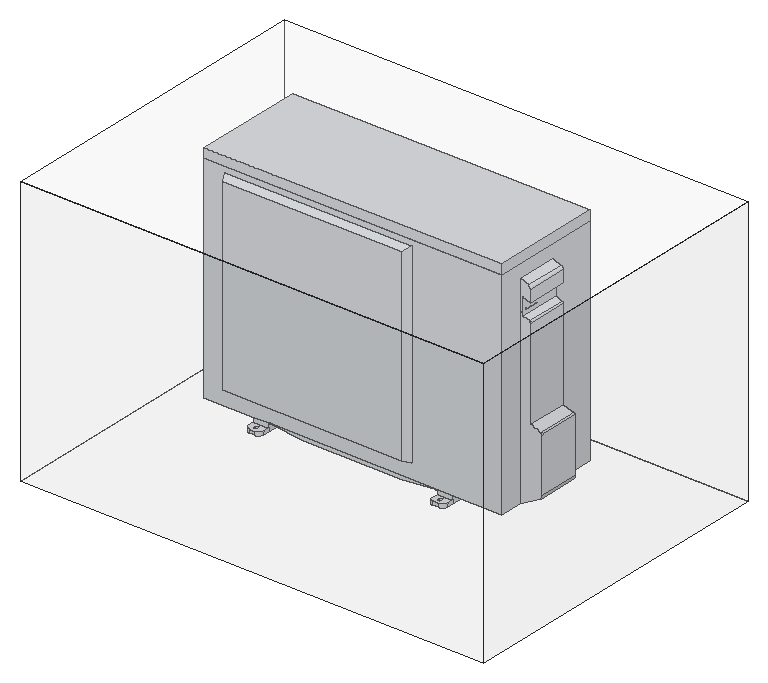
Revit family "puz-zrmp28_63ska12_50Hz", category 機械設備, Revit 2019 (continued)
Definition of nested family "PUZ-ZRMP-1"
  Lines and regions (mm)
    model lines, visible <- "タイプ3", not visible
      curve 342: line (-404.5, -100, 907) -> (-404.5, -60, 907)
      curve 343: line (-404.5, -100, 1097) -> (-404.5, -100, 907)
      curve 344: line (-404.5, -60, 1097) -> (-404.5, -100, 1097)
      curve 345: line (-404.5, -60, 907) -> (-404.5, -60, 1097)
      curve 346: line (-404.5, 60, 907) -> (-404.5, 100, 907)
      curve 347: line (-404.5, 60, 1097) -> (-404.5, 60, 907)
      curve 348: line (-404.5, 100, 1097) -> (-404.5, 60, 1097)
      curve 349: line (-404.5, 100, 907) -> (-404.5, 100, 1097)
      curve 350: line (-404.5, -46.667, 907) -> (-404.5, -6.667, 907)
      curve 351: line (-404.5, -46.667, 1097) -> (-404.5, -46.667, 907)
      curve 352: line (-404.5, -6.667, 1097) -> (-404.5, -46.667, 1097)
      curve 353: line (-404.5, -6.667, 907) -> (-404.5, -6.667, 1097)
      curve 354: line (-404.5, 6.667, 907) -> (-404.5, 46.667, 907)
      curve 355: line (-404.5, 6.667, 1097) -> (-404.5, 6.667, 907)
      curve 356: line (-404.5, 46.667, 1097) -> (-404.5, 6.667, 1097)
      curve 357: line (-404.5, 46.667, 907) -> (-404.5, 46.667, 1097)
      curve 358: line (-404.5, -100, 1112) -> (-404.5, -60, 1112)
      curve 359: line (-404.5, -100, 1302) -> (-404.5, -100, 1112)
      curve 360: line (-404.5, -60, 1302) -> (-404.5, -100, 1302)
      curve 361: line (-404.5, -60, 1112) -> (-404.5, -60, 1302)
      curve 362: line (-404.5, 60, 1112) -> (-404.5, 100, 1112)
      curve 363: line (-404.5, 60, 1302) -> (-404.5, 60, 1112)
      curve 364: line (-404.5, 100, 1302) -> (-404.5, 60, 1302)
      curve 365: line (-404.5, 100, 1112) -> (-404.5, 100, 1302)
      curve 366: line (-404.5, -46.667, 1112) -> (-404.5, -6.667, 1112)
      curve 367: line (-404.5, -46.667, 1302) -> (-404.5, -46.667, 1112)
      curve 368: line (-404.5, -6.667, 1302) -> (-404.5, -46.667, 1302)
      curve 369: line (-404.5, -6.667, 1112) -> (-404.5, -6.667, 1302)
      curve 370: line (-404.5, 6.667, 1112) -> (-404.5, 46.667, 1112)
      curve 371: line (-404.5, 6.667, 1302) -> (-404.5, 6.667, 1112)
      curve 372: line (-404.5, 46.667, 1302) -> (-404.5, 6.667, 1302)
      curve 373: line (-404.5, 46.667, 1112) -> (-404.5, 46.667, 1302)
    model lines, visible <- "タイプ2", not visible
      curve 374: line (-600, -100, 33.5) -> (-600, -60, 33.5)
      curve 375: line (-600, -100, 73.5) -> (-600, -100, 33.5)
      curve 376: line (-600, -60, 73.5) -> (-600, -100, 73.5)
      curve 377: line (-600, -60, 33.5) -> (-600, -60, 73.5)
      curve 378: line (-600, 60, 33.5) -> (-600, 100, 33.5)
      curve 379: line (-600, 60, 73.5) -> (-600, 60, 33.5)
      curve 380: line (-600, 100, 73.5) -> (-600, 60, 73.5)
      curve 381: line (-600, 100, 33.5) -> (-600, 100, 73.5)
      curve 382: line (-509, -46.667, 33.5) -> (-509, -6.667, 33.5)
      curve 383: line (-509, -46.667, 73.5) -> (-509, -46.667, 33.5)
      curve 384: line (-509, -6.667, 73.5) -> (-509, -46.667, 73.5)
      curve 385: line (-509, -6.667, 33.5) -> (-509, -6.667, 73.5)
      curve 386: line (-509, 6.667, 33.5) -> (-509, 46.667, 33.5)
      curve 387: line (-509, 6.667, 73.5) -> (-509, 6.667, 33.5)
      curve 388: line (-509, 46.667, 73.5) -> (-509, 6.667, 73.5)
      curve 389: line (-509, 46.667, 33.5) -> (-509, 46.667, 73.5)
      curve 483: line (-404.5, -100, 33.5) -> (-404.5, -60, 33.5)
      curve 484: line (-404.5, -100, 73.5) -> (-404.5, -100, 33.5)
      curve 485: line (-404.5, -60, 73.5) -> (-404.5, -100, 73.5)
      curve 486: line (-404.5, -60, 33.5) -> (-404.5, -60, 73.5)
      curve 487: line (-404.5, 60, 33.5) -> (-404.5, 100, 33.5)
      curve 488: line (-404.5, 60, 73.5) -> (-404.5, 60, 33.5)
      curve 489: line (-404.5, 100, 73.5) -> (-404.5, 60, 73.5)
      curve 490: line (-404.5, 100, 33.5) -> (-404.5, 100, 73.5)
      curve 491: line (-404.5, -46.667, 33.5) -> (-404.5, -6.667, 33.5)
      curve 492: line (-404.5, -46.667, 73.5) -> (-404.5, -46.667, 33.5)
      curve 493: line (-404.5, -6.667, 73.5) -> (-404.5, -46.667, 73.5)
      curve 494: line (-404.5, -6.667, 33.5) -> (-404.5, -6.667, 73.5)
      curve 495: line (-404.5, 6.667, 33.5) -> (-404.5, 46.667, 33.5)
      curve 496: line (-404.5, 6.667, 73.5) -> (-404.5, 6.667, 33.5)
      curve 497: line (-404.5, 46.667, 73.5) -> (-404.5, 6.667, 73.5)
      curve 498: line (-404.5, 46.667, 33.5) -> (-404.5, 46.667, 73.5)
    model lines, not visible
      curve 390: line (-404.5, -100, 87) -> (-404.5, -60, 87)
      curve 391: line (-404.5, -100, 277) -> (-404.5, -100, 87)
      curve 392: line (-404.5, -60, 277) -> (-404.5, -100, 277)
      curve 393: line (-404.5, -60, 87) -> (-404.5, -60, 277)
      curve 394: line (-404.5, -100, 292) -> (-404.5, -60, 292)
      curve 395: line (-404.5, -100, 482) -> (-404.5, -100, 292)
      curve 396: line (-404.5, -60, 482) -> (-404.5, -100, 482)
      curve 397: line (-404.5, -60, 292) -> (-404.5, -60, 482)
      curve 398: line (-404.5, -100, 497) -> (-404.5, -60, 497)
      curve 399: line (-404.5, -100, 687) -> (-404.5, -100, 497)
      curve 400: line (-404.5, -60, 687) -> (-404.5, -100, 687)
      curve 401: line (-404.5, -60, 497) -> (-404.5, -60, 687)
      curve 402: line (-404.5, -100, 702) -> (-404.5, -60, 702)
      curve 403: line (-404.5, -100, 892) -> (-404.5, -100, 702)
      curve 404: line (-404.5, -60, 892) -> (-404.5, -100, 892)
      curve 405: line (-404.5, -60, 702) -> (-404.5, -60, 892)
      curve 406: line (-404.5, 60, 87) -> (-404.5, 100, 87)
      curve 407: line (-404.5, 60, 277) -> (-404.5, 60, 87)
      curve 408: line (-404.5, 100, 277) -> (-404.5, 60, 277)
      curve 409: line (-404.5, 100, 87) -> (-404.5, 100, 277)
      curve 410: line (-404.5, -46.667, 87) -> (-404.5, -6.667, 87)
      curve 411: line (-404.5, -46.667, 277) -> (-404.5, -46.667, 87)
      curve 412: line (-404.5, -6.667, 277) -> (-404.5, -46.667, 277)
      curve 413: line (-404.5, -6.667, 87) -> (-404.5, -6.667, 277)
      curve 414: line (-404.5, 6.667, 87) -> (-404.5, 46.667, 87)
      curve 415: line (-404.5, 6.667, 277) -> (-404.5, 6.667, 87)
      curve 416: line (-404.5, 46.667, 277) -> (-404.5, 6.667, 277)
      curve 417: line (-404.5, 46.667, 87) -> (-404.5, 46.667, 277)
      curve 418: line (-404.5, 60, 292) -> (-404.5, 100, 292)
      curve 419: line (-404.5, 60, 482) -> (-404.5, 60, 292)
      curve 420: line (-404.5, 100, 482) -> (-404.5, 60, 482)
      curve 421: line (-404.5, 100, 292) -> (-404.5, 100, 482)
      curve 422: line (-404.5, 60, 702) -> (-404.5, 100, 702)
      curve 423: line (-404.5, 60, 892) -> (-404.5, 60, 702)
      curve 424: line (-404.5, 100, 892) -> (-404.5, 60, 892)
      curve 425: line (-404.5, 100, 702) -> (-404.5, 100, 892)
      curve 426: line (-404.5, -46.667, 292) -> (-404.5, -6.667, 292)
      curve 427: line (-404.5, -46.667, 482) -> (-404.5, -46.667, 292)
      curve 428: line (-404.5, -6.667, 482) -> (-404.5, -46.667, 482)
      curve 429: line (-404.5, -6.667, 292) -> (-404.5, -6.667, 482)
      curve 430: line (-404.5, -46.667, 497) -> (-404.5, -6.667, 497)
      curve 431: line (-404.5, -46.667, 687) -> (-404.5, -46.667, 497)
      curve 432: line (-404.5, -6.667, 687) -> (-404.5, -46.667, 687)
      curve 433: line (-404.5, -6.667, 497) -> (-404.5, -6.667, 687)
      curve 434: line (-404.5, -46.667, 702) -> (-404.5, -6.667, 702)
      curve 435: line (-404.5, -46.667, 892) -> (-404.5, -46.667, 702)
      curve 436: line (-404.5, -6.667, 892) -> (-404.5, -46.667, 892)
      curve 437: line (-404.5, -6.667, 702) -> (-404.5, -6.667, 892)
      curve 438: line (-404.5, 6.667, 292) -> (-404.5, 46.667, 292)
      curve 439: line (-404.5, 6.667, 482) -> (-404.5, 6.667, 292)
      curve 440: line (-404.5, 46.667, 482) -> (-404.5, 6.667, 482)
      curve 441: line (-404.5, 46.667, 292) -> (-404.5, 46.667, 482)
      curve 442: line (-404.5, 6.667, 497) -> (-404.5, 46.667, 497)
      curve 443: line (-404.5, 6.667, 687) -> (-404.5, 6.667, 497)
      curve 444: line (-404.5, 46.667, 687) -> (-404.5, 6.667, 687)
      curve 445: line (-404.5, 46.667, 497) -> (-404.5, 46.667, 687)
      curve 446: line (-404.5, 6.667, 702) -> (-404.5, 46.667, 702)
      curve 447: line (-404.5, 6.667, 892) -> (-404.5, 6.667, 702)
      curve 448: line (-404.5, 46.667, 892) -> (-404.5, 6.667, 892)
      curve 449: line (-404.5, 46.667, 702) -> (-404.5, 46.667, 892)
      curve 450: line (-338.5, -173.2, 372.5) -> (149.5, -173.2, 372.5)
      curve 451: line (149.5, -173.2, 277.5) -> (-338.5, -173.2, 277.5)
      curve 452: line (-338.5, -173.2, 467.5) -> (149.5, -173.2, 467.5)
      curve 453: line (-338.5, -173.2, 562.5) -> (149.5, -173.2, 562.5)
      curve 454: line (149.5, -173.2, 182.5) -> (-338.5, -173.2, 182.5)
      curve 455: line (149.5, -173.2, 87.5) -> (-338.5, -173.2, 87.5)
      curve 456: line (-321.071, -173.2, 579) -> (-321.071, -173.2, 71)
      curve 457: line (132.071, -173.2, 71) -> (132.071, -173.2, 579)
      curve 458: line (-303.643, -173.2, 579) -> (-303.643, -173.2, 71)
      curve 459: line (-286.214, -173.2, 579) -> (-286.214, -173.2, 71)
      curve 460: line (-268.786, -173.2, 579) -> (-268.786, -173.2, 71)
      curve 461: line (-251.357, -173.2, 579) -> (-251.357, -173.2, 71)
      curve 462: line (-233.929, -173.2, 579) -> (-233.929, -173.2, 71)
      curve 463: line (-216.5, -173.2, 579) -> (-216.5, -173.2, 71)
      curve 464: line (-199.071, -173.2, 579) -> (-199.071, -173.2, 71)
      curve 465: line (-181.643, -173.2, 579) -> (-181.643, -173.2, 71)
      curve 466: line (-164.214, -173.2, 579) -> (-164.214, -173.2, 71)
      curve 467: line (-146.786, -173.2, 579) -> (-146.786, -173.2, 71)
      curve 468: line (-129.357, -173.2, 579) -> (-129.357, -173.2, 71)
      curve 469: line (-111.929, -173.2, 579) -> (-111.929, -173.2, 71)
      curve 470: line (-94.5, -173.2, 579) -> (-94.5, -173.2, 71)
      curve 471: line (-77.071, -173.2, 579) -> (-77.071, -173.2, 71)
      curve 472: line (-59.643, -173.2, 579) -> (-59.643, -173.2, 71)
      curve 473: line (-42.214, -173.2, 579) -> (-42.214, -173.2, 71)
      curve 474: line (-24.786, -173.2, 579) -> (-24.786, -173.2, 71)
      curve 475: line (-7.357, -173.2, 579) -> (-7.357, -173.2, 71)
      curve 476: line (10.071, -173.2, 579) -> (10.071, -173.2, 71)
      curve 477: line (27.5, -173.2, 579) -> (27.5, -173.2, 71)
      curve 478: line (44.929, -173.2, 579) -> (44.929, -173.2, 71)
      curve 479: line (62.357, -173.2, 579) -> (62.357, -173.2, 71)
      curve 480: line (79.786, -173.2, 579) -> (79.786, -173.2, 71)
      curve 481: line (97.214, -173.2, 579) -> (97.214, -173.2, 71)
      curve 482: line (114.643, -173.2, 579) -> (114.643, -173.2, 71)
    symbolic lines, visible <- "タイプ1"
      curve 499: line (-278.151, 150, 630) -> (-404.5, 150, 630)
      curve 500: line (-404.5, 150, 630) -> (-404.5, -5.599, 630)
      curve 501: line (-404.5, 40, 630) -> (-424.5, 30, 630)
      curve 502: line (-424.5, 30, 630) -> (-424.5, -30, 630)
      curve 503: line (-424.5, -30, 630) -> (-404.5, -40, 630)
      curve 504: line (-404.5, -5.599, 630) -> (-404.5, -150, 630)
      curve 505: line (-404.5, -150, 630) -> (-301.612, -150, 630)
      curve 506: arc (-272.806, -170, 630) -> (-268.124, -177.204, 630) -> (-260, -180, 630) r 13.2
      curve 507: line (-260, -180, 630) -> (-243.332, -180, 630)
      curve 508: arc (-243.332, -180, 630) -> (-235.208, -177.204, 630) -> (-230.526, -170, 630) r 13.2
      curve 509: line (-301.612, -150, 630) -> (280.999, -150, 630)
      curve 510: line (230, -150, 630) -> (230, -170, 630)
      curve 511: arc (230, -170, 630) -> (232.929, -177.071, 630) -> (240, -180, 630) r 10
      curve 512: line (240, -180, 630) -> (256.8, -180, 630)
      curve 513: arc (256.8, -180, 630) -> (266.134, -176.134, 630) -> (270, -166.8, 630) r 13.2
      curve 514: line (270, -166.8, 630) -> (270, -150, 630)
      curve 515: line (280.999, -150, 630) -> (404.5, -150, 630)
      curve 516: line (404.5, -150, 630) -> (404.5, -77.105, 630)
      curve 517: line (404.5, -90, 630) -> (466.5, -90, 630)
      curve 518: line (466.5, -90, 630) -> (466.5, 20, 630)
      curve 519: line (466.5, 20, 630) -> (404.5, 20, 630)
      curve 520: line (404.5, -77.105, 630) -> (404.5, 150, 630)
      curve 521: line (404.5, 150, 630) -> (308.975, 150, 630)
      curve 522: line (270, 150, 630) -> (270, 180, 630)
      curve 523: line (270, 180, 630) -> (230, 180, 630)
      curve 524: line (230, 180, 630) -> (230, 150, 630)
      curve 525: line (308.975, 150, 630) -> (-278.151, 150, 630)
      curve 526: line (-230, 150, 630) -> (-230, 180, 630)
      curve 527: line (-230, 180, 630) -> (-270, 180, 630)
      curve 528: line (-270, 180, 630) -> (-270, 150, 630)
      curve 529: line (-324.5, 100, 630) -> (324.5, 100, 630)
      curve 530: line (-324.5, 40, 630) -> (-324.5, 100, 630)
      curve 531: line (324.5, 40, 630) -> (-324.5, 40, 630)
      curve 532: line (324.5, 100, 630) -> (324.5, 40, 630)
      curve 533: line (324.5, 30, 630) -> (-324.5, 30, 630)
      curve 534: line (324.5, -30, 630) -> (324.5, 30, 630)
      curve 535: line (-324.5, -30, 630) -> (324.5, -30, 630)
      curve 536: line (-324.5, 30, 630) -> (-324.5, -30, 630)
      curve 537: line (-324.5, -40, 630) -> (324.5, -40, 630)
      curve 538: line (-324.5, -100, 630) -> (-324.5, -40, 630)
      curve 539: line (324.5, -100, 630) -> (-324.5, -100, 630)
      curve 540: line (324.5, -40, 630) -> (324.5, -100, 630)
      curve 541: line (339.5, 100, 630) -> (354.5, 100, 630)
      curve 542: line (339.5, -100, 630) -> (339.5, 100, 630)
      curve 543: line (354.5, -100, 630) -> (339.5, -100, 630)
      curve 544: line (354.5, 100, 630) -> (354.5, -100, 630)
      curve 545: line (-354.5, 100, 630) -> (-339.5, 100, 630)
      curve 546: line (-354.5, -100, 630) -> (-354.5, 100, 630)
      curve 547: line (-339.5, -100, 630) -> (-354.5, -100, 630)
      curve 548: line (-339.5, 100, 630) -> (-339.5, -100, 630)
      curve 549: line (-338.5, -170, 630) -> (149.5, -170, 630)
      curve 550: line (149.5, -170, 630) -> (159.5, -150, 630)
      curve 551: line (-348.5, -150, 630) -> (-338.5, -170, 630)
  Dimensions and locks
    equal spacing: plane 8, plane 1 "中心(正面/背面)", plane 7
    "奥行き": plane 8 to plane 7
    equal spacing: plane 5, plane 3 "中心(左/右)", plane 6
    "幅さ": plane 5 to plane 6
    "高さ": plane 4 to level
    locked: plane 6 to plane 9 at 62
    locked: plane 8 to plane 10 at 60
    locked: plane 8 to plane 11 at 170
    locked: plane 4 to plane 12 at 25
    locked: plane 13 to plane 5 at 20
    "吊りボルト-D": plane 17 to plane 16
    equal spacing: plane 17, plane 1 "中心(正面/背面)", plane 16
    equal spacing: plane 14, plane 3 "中心(左/右)", plane 15
    "吊りボルト-W": plane 14 to plane 15
    plane 21 to plane 14 to plane 20 = 20 mm locked, 20 mm locked
    plane 19 to plane 15 to plane 18 = 20 mm locked, 20 mm locked
    locked: plane 16 to plane 22 at 15
    locked: plane 23 to plane 17 at 15
    locked: plane 24 to level at 8.5
    locked: plane 25 to level at 20
    locked: plane 26 to plane 24 at 3
    locked: plane 4 to plane 29 at 5
    plane 7 to plane 1 "中心(正面/背面)" to plane 8 = 150 mm, 150 mm
    plane 31 to plane 1 "中心(正面/背面)" to plane 30 = 40 mm locked, 40 mm locked
    plane 33 to plane 1 "中心(正面/背面)" to plane 32 = 30 mm locked, 30 mm locked
    locked: plane 34 to plane 12 at 5
    locked: plane 35 to level at 55
    locked: plane 36 to level at 225
    equal spacing: plane 6, plane 39, plane 9
    locked: plane 6 to plane 38 at 10
    locked: plane 20 to plane 27 at 95
    locked: plane 28 to plane 19 at 95
    "換気-D": plane 40 to plane 8
    "換気-W": plane 41 to plane 5
    "換気-H1": plane 42 to level
    plane 43 to plane 41 to plane 44 = 254 mm locked, 254 mm locked
    plane 45 to plane 42 to plane 46 = 264 mm locked, 264 mm locked
    locked: plane 43 to plane 48 at 10
    locked: plane 47 to plane 44 at 10
    locked: plane 45 to plane 49 at 10
    locked: plane 50 to plane 46 at 10
    locked: curve 26 to plane 50 at 16.5
    locked: plane 49 to curve 24 at 16.5
    equal spacing: curve 24, curve 23, curve 21, curve 22, curve 25, curve 26
    equal spacing: plane 48, curve 28, curve 53, curve 52, curve 51, curve 50, curve 49, curve 48, curve 47, curve 46, curve 45, curve 44, curve 43, curve 42, curve 41, curve 40, curve 39, curve 38, curve 37, curve 36, curve 35, curve 34, curve 33, curve 32, curve 31, curve 30, curve 29, curve 27, plane 47
    locked: curve 4 to curve 6 at 10
    locked: curve 3 to curve 5 at 10
    locked: plane 51 to plane 7 at 50
    locked: plane 8 to plane 52 at 50
    equal spacing: group 1, group 2, group 3, group 4, group 5, group 6, group 7, group 8, group 9, group 10, group 11, group 12, group 13, group 14, group 15, group 16, group 17, group 18  (x2)
    equal spacing: group 18, group 17, group 16, group 15, group 14, group 13, group 12, group 11, group 10, group 9, group 8, group 7, group 6, group 5, group 4, group 3, group 2, group 1
    "ドレン管径-X": plane 5 to plane 53
    "ドレン管径-Y": plane 8 to plane 54
    "配線取出口-Y": plane 57 to plane 7
    "冷媒液管径-Y": plane 58 to plane 7
    "冷媒ガス管径-Y": plane 59 to plane 7
    "配線取出口-X": plane 3 "中心(左/右)" to plane 56
    "冷媒ガス管径-X": plane 3 "中心(左/右)" to plane 55
    "冷媒液管径-X": plane 3 "中心(左/右)" to plane 60
    "冷媒液管径-Z": plane 62 to level
    "冷媒ガス管径-Z": plane 61 to level
    "配線取出口-Z": plane 63 to level
    locked: plane 57 to plane 64 at 50
    locked: plane 65 to plane 61 at 37.8
    locked: plane 66 to plane 62 at 16.1
    equal spacing: plane 55, plane 67, plane 60
    equal spacing: plane 58, plane 68, plane 59
    "a": plane 69 "グループ" to plane 3 "中心(左/右)"
    plane 71 to level = 943 mm
    plane 70 to level = 1338 mm
    locked: plane 37 to level at 570
    curve 21 to plane 42 to curve 22 = 47.5 mm locked, 47.5 mm locked
    "換気-H2": plane 72 to plane 42
    plane 73 to plane 72 to plane 74 = 264 mm locked, 264 mm locked
    locked: plane 76 to plane 74 at 10
    locked: plane 73 to plane 75 at 10
    plane 48 to plane 47 = 488 mm
    plane 68 to plane 7 = 185.5 mm
    plane 61 to level = 99.5 mm
    plane 65 to plane 61 = 37.8 mm
    plane 62 to level = 164.5 mm
    plane 66 to plane 62 = 16.1 mm
    plane 68 to plane 77 to plane 78 = 23 mm locked, 17.5 mm locked
    plane 68 to plane 77 = 23 mm
    plane 77 to plane 78 = 17.5 mm
    equal spacing: plane 77, plane 79, plane 78
    "ドレン配管サイズ": diameter of Extrusion 3 sketch curve
    "配線取出口サイズ": diameter of Extrusion 9 sketch curve
    "吊りボルト-φ": diameter of Extrusion 10 sketch curve  (x4)
    "冷媒配管サイズ": diameter of Sweep 11 sketch curve
    "ガス配管サイズ": diameter of Sweep 12 sketch curve
    aligned and locked: level to plane 2
    aligned and locked: Extrusion 1 to level
    aligned and locked: plane 25 to Extrusion 1
    aligned and locked: Extrusion 2 sketch curve to plane 25
    aligned and locked: Extrusion 2 sketch curve to plane 26
    aligned and locked: Extrusion 2 to plane 7
    aligned and locked: plane 8 to Extrusion 2
    aligned and locked: Extrusion 3 to plane 26
    aligned and locked: Extrusion 3 to plane 24
    aligned and locked: Extrusion 4 sketch curve to plane 7
    aligned and locked: Extrusion 4 sketch curve to plane 8
    aligned and locked: Extrusion 4 sketch curve to plane 5
    aligned and locked: Extrusion 4 sketch curve to plane 6
    aligned and locked: Extrusion 4 to plane 25
    aligned and locked: plane 12 to Extrusion 4
    aligned and locked: Extrusion 5 sketch curve to Extrusion 4  (x4)
    aligned and locked: Extrusion 5 to plane 12
    aligned and locked: plane 4 to Extrusion 5
    aligned and locked: plane 29 to Blend 6 sketch curve
    aligned and locked: Blend 6 sketch curve to plane 31
    aligned and locked: Blend 6 sketch curve to plane 12  (x2)
    aligned and locked: plane 30 to Blend 6 sketch curve
    aligned and locked: plane 34 to Blend 6 sketch curve
    aligned and locked: Blend 6 sketch curve to plane 33
    aligned and locked: plane 32 to Blend 6 sketch curve
    aligned and locked: Blend 6 to plane 13
    aligned and locked: plane 5 to Blend 6
    aligned and locked: Extrusion 7 sketch curve to plane 6
    aligned and locked: Extrusion 7 sketch curve to plane 9
    aligned and locked: Extrusion 7 sketch curve to plane 39
    aligned and locked: Extrusion 7 sketch curve to Extrusion 7 sketch curve
    aligned and locked: Extrusion 7 sketch curve to plane 38
    aligned and locked: Extrusion 7 to plane 11
    aligned and locked: plane 10 to Extrusion 7
    aligned and locked: Blend 8 sketch curve to plane 45
    aligned and locked: Blend 8 sketch curve to plane 46
    aligned and locked: Blend 8 sketch curve to plane 44
    aligned and locked: Blend 8 sketch curve to plane 43
    aligned and locked: Blend 8 sketch curve to plane 49
    aligned and locked: Blend 8 sketch curve to plane 47
    aligned and locked: Blend 8 sketch curve to plane 48
    aligned and locked: Blend 8 sketch curve to plane 50
    aligned and locked: Blend 8 to plane 8
    aligned and locked: plane 40 to Blend 8
    aligned and locked: curve 17 to plane 51
    aligned and locked: curve 1 to plane 51
    aligned and locked: plane 51 to curve 19
    aligned and locked: curve 18 to plane 52
    aligned and locked: plane 52 to curve 2
    aligned and locked: plane 52 to curve 20
    aligned and locked: plane 53 to Extrusion 3 sketch curve
    aligned and locked: plane 54 to Extrusion 3 sketch curve
    aligned and locked: plane 63 to Extrusion 9 sketch curve
    aligned and locked: plane 56 to Extrusion 9 sketch curve
    aligned and locked: plane 57 to Extrusion 9
    aligned and locked: Extrusion 9 to plane 64
    aligned and locked: plane 22 to Extrusion 10 sketch curve  (x4)
    aligned and locked: plane 21 to Extrusion 10 sketch curve
    aligned and locked: Extrusion 2 to Extrusion 10 sketch curve  (x2)
    aligned and locked: Extrusion 10 sketch curve to Extrusion 1  (x6)
    aligned and locked: plane 19 to Extrusion 10 sketch curve
    aligned and locked: Extrusion 10 sketch curve to plane 23  (x2)
    aligned and locked: Extrusion 10 sketch curve to plane 18
    aligned and locked: Extrusion 10 sketch curve to plane 20
    aligned and locked: plane 16 to Extrusion 10 sketch curve  (x2)
    aligned and locked: plane 14 to Extrusion 10 sketch curve  (x2)
    aligned and locked: plane 17 to Extrusion 10 sketch curve  (x2)
    aligned and locked: plane 15 to Extrusion 10 sketch curve  (x2)
    aligned and locked: level to Extrusion 10
    aligned and locked: plane 24 to Extrusion 10
    aligned and locked: Masking region 1 sketch curve to Extrusion 5  (x4)
    aligned and locked: Masking region 1 sketch curve to Blend 6  (x3)
    aligned and locked: Masking region 1 sketch curve to Extrusion 7  (x2)
    aligned and locked: Masking region 1 sketch curve to plane 9
    aligned and locked: Masking region 1 sketch curve to Extrusion 10  (x8)
    aligned and locked: Masking region 1 to curve 499
    aligned and locked: curve 500 to Masking region 1
    aligned and locked: curve 501 to Masking region 1
    aligned and locked: curve 502 to Masking region 1
    aligned and locked: curve 503 to Masking region 1
    aligned and locked: curve 504 to Masking region 1
    aligned and locked: curve 505 to Masking region 1
    aligned and locked: curve 506 to Masking region 1
    aligned and locked: curve 508 to Masking region 1
    aligned and locked: curve 510 to Masking region 1
    aligned and locked: curve 511 to Masking region 1
    aligned and locked: curve 513 to Masking region 1
    aligned and locked: Masking region 1 to curve 515
    aligned and locked: curve 516 to Masking region 1
    aligned and locked: curve 517 to Masking region 1
    aligned and locked: curve 518 to Masking region 1
    aligned and locked: curve 519 to Masking region 1
    aligned and locked: curve 520 to Masking region 1
    aligned and locked: curve 521 to Masking region 1
    aligned and locked: curve 522 to Masking region 1
    aligned and locked: curve 523 to Masking region 1
    aligned and locked: curve 524 to Masking region 1
    aligned and locked: curve 525 to Masking region 1
    aligned and locked: curve 526 to Masking region 1
    aligned and locked: curve 527 to Masking region 1
    aligned and locked: curve 528 to Masking region 1
    aligned and locked: curve 532 to curve 12
    aligned and locked: Masking region 1 sketch curve to curve 21
    aligned and locked: Masking region 1 sketch curve to Blend 8  (x2)
    aligned and locked: curve 549 to Blend 8
    aligned and locked: curve 550 to Blend 8
    aligned and locked: curve 551 to Blend 8
    aligned and locked: plane 78 to Sweep 12 sketch curve
    aligned and locked: plane 58 to Sweep 12 sketch curve
    aligned and locked: plane 77 to Sweep 11 sketch curve
    aligned and locked: plane 58 to Sweep 11 sketch curve
    aligned and locked: plane 61 to Sweep 12 sketch curve
  Automatic sketch dimensions
    Extrusion 2 sketch curve to plane 20 = 0 mm
    Extrusion 2 sketch curve to plane 27 = 0 mm
    Extrusion 2 sketch curve to plane 28 = 0 mm
    Extrusion 2 sketch curve to plane 19 = 0 mm
    Extrusion 7 sketch curve to plane 39 = 0 mm
    Extrusion 7 sketch curve to plane 25 = 0 mm
    Extrusion 7 sketch curve to plane 36 = 0 mm
    Extrusion 7 sketch curve to plane 37 = 0 mm
    Extrusion 7 sketch curve to Extrusion 7 sketch curve = 10 mm
    Extrusion 7 sketch curve to plane 39 = 6.58 mm
    Extrusion 7 sketch curve to Extrusion 7 sketch curve = 5 mm  (x2)
    plane 39 to Extrusion 7 sketch curve = 21 mm
    Extrusion 7 sketch curve to plane 39 = 3.29 mm
    Extrusion 7 sketch curve to plane 9 = 3.29 mm
    Extrusion 7 sketch curve to plane 35 = 2.87 mm
    Extrusion 7 sketch curve to Extrusion 7 sketch curve = 81.633 mm
    Extrusion 7 sketch curve to Extrusion 7 sketch curve = 30.244 mm
    Extrusion 7 sketch curve to Extrusion 7 sketch curve = 7.643 mm
    plane 7 to Extrusion 1 sketch curve = 0 mm  (x2)
    Extrusion 1 sketch curve to plane 18 = 0 mm
    plane 8 to Extrusion 1 sketch curve = 0 mm  (x2)
    Extrusion 1 sketch curve to plane 19 = 0 mm
    Extrusion 1 sketch curve to plane 20 = 0 mm
    Extrusion 1 sketch curve to plane 21 = 0 mm
    curve 383 to curve 384 = 40 mm
    curve 382 to curve 386 = 13.333 mm
    curve 386 to curve 386 = 40 mm
    curve 382 to curve 389 = 0 mm
    curve 382 to curve 384 = 40 mm
    curve 384 to curve 387 = 0 mm
    curve 375 to curve 376 = 40 mm
    curve 374 to curve 378 = 120 mm
    curve 378 to curve 378 = 40 mm
    curve 374 to curve 381 = 0 mm
    curve 374 to curve 376 = 40 mm
    curve 378 to curve 379 = 40 mm
    curve 25 to plane 47 = 0 mm
    curve 24 to plane 47 = 0 mm
    curve 22 to plane 47 = 0 mm
    curve 23 to plane 47 = 0 mm
    curve 26 to plane 47 = 0 mm
    curve 21 to plane 47 = 0 mm
    curve 24 to plane 48 = 0 mm
    curve 25 to plane 48 = 0 mm
    curve 26 to plane 48 = 0 mm
    curve 23 to plane 48 = 0 mm
    curve 22 to plane 48 = 0 mm
    curve 21 to plane 48 = 0 mm
    curve 37 to plane 50 = 0 mm
    curve 52 to plane 50 = 0 mm
    curve 51 to plane 50 = 0 mm
    curve 50 to plane 50 = 0 mm
    curve 49 to plane 50 = 0 mm
    curve 48 to plane 50 = 0 mm
    curve 47 to plane 50 = 0 mm
    curve 46 to plane 50 = 0 mm
    curve 45 to plane 50 = 0 mm
    curve 44 to plane 50 = 0 mm
    curve 43 to plane 50 = 0 mm
    curve 42 to plane 50 = 0 mm
    curve 41 to plane 50 = 0 mm
    curve 27 to plane 50 = 0 mm
    curve 28 to plane 50 = 0 mm
    curve 40 to plane 50 = 0 mm
    curve 39 to plane 50 = 0 mm
    curve 29 to plane 50 = 0 mm
    curve 38 to plane 50 = 0 mm
    curve 30 to plane 50 = 0 mm
    curve 53 to plane 50 = 0 mm
    curve 31 to plane 50 = 0 mm
    curve 36 to plane 50 = 0 mm
    curve 32 to plane 50 = 0 mm
    curve 35 to plane 50 = 0 mm
    curve 33 to plane 50 = 0 mm
    curve 34 to plane 50 = 0 mm
    curve 28 to plane 49 = 0 mm
    curve 41 to plane 49 = 0 mm
    curve 27 to plane 49 = 0 mm
    curve 42 to plane 49 = 0 mm
    curve 31 to plane 49 = 0 mm
    curve 40 to plane 49 = 0 mm
    curve 37 to plane 49 = 0 mm
    curve 39 to plane 49 = 0 mm
    curve 32 to plane 49 = 0 mm
    curve 45 to plane 49 = 0 mm
    curve 36 to plane 49 = 0 mm
    curve 46 to plane 49 = 0 mm
    curve 43 to plane 49 = 0 mm
    curve 47 to plane 49 = 0 mm
    curve 29 to plane 49 = 0 mm
    curve 48 to plane 49 = 0 mm
    curve 30 to plane 49 = 0 mm
    curve 49 to plane 49 = 0 mm
    curve 44 to plane 49 = 0 mm
    curve 50 to plane 49 = 0 mm
    curve 33 to plane 49 = 0 mm
    curve 51 to plane 49 = 0 mm
    curve 35 to plane 49 = 0 mm
    curve 52 to plane 49 = 0 mm
    curve 38 to plane 49 = 0 mm
    curve 53 to plane 49 = 0 mm
    curve 34 to plane 49 = 0 mm
    Masking region 1 sketch curve to plane 5 = 0 mm
    Masking region 1 sketch curve to plane 6 = 0 mm
    plane 7 to Masking region 1 sketch curve = 0 mm  (x2)
    Masking region 1 sketch curve to plane 15 = 10 mm
    Masking region 1 sketch curve to plane 19 = 0 mm
    plane 8 to Masking region 1 sketch curve = 0 mm  (x2)
    plane 32 to curve 535 = 0 mm
    plane 33 to curve 534 = 0 mm
    curve 541 to plane 56 = 45.5 mm
    curve 13 to curve 20 = 15 mm
    plane 18 to curve 535 = 54.5 mm
    curve 532 to curve 6 = 0 mm
    curve 537 to curve 5 = 0 mm
    plane 47 to curve 536 = 14 mm
    plane 47 to curve 538 = 14 mm
    plane 47 to curve 1 = 14 mm
    curve 16 to plane 47 = 1 mm
    curve 15 to plane 44 = 6 mm
    plane 1 "中心(正面/背面)" to curve 504 = 5.599 mm
    curve 528 to curve 499 = 8.151 mm
    curve 521 to curve 522 = 38.975 mm
    curve 516 to plane 10 = 12.895 mm
    curve 515 to curve 514 = 10.999 mm
    plane 40 to Masking region 1 sketch curve = 0 mm
    Masking region 1 sketch curve to plane 40 = 3.2 mm  (x2)
    Masking region 1 sketch curve to plane 14 = 10 mm
    Masking region 1 sketch curve to plane 20 = 0.526 mm
    curve 509 to plane 21 = 31.612 mm
    Sweep 12 sketch curve to plane 65 = 0 mm
    Sweep 11 sketch curve to plane 62 = 0 mm
    Sweep 11 sketch curve to plane 66 = 0 mm
    plane 40 to Extrusion 10 sketch curve = 0 mm
    plane 17 to Extrusion 10 sketch curve = 0 mm  (x2)
    Extrusion 10 sketch curve to Extrusion 10 sketch curve = 1.8 mm  (x3)
    plane 17 to Extrusion 10 sketch curve = 1.8 mm  (x2)
    Extrusion 10 sketch curve to Extrusion 10 sketch curve = 0 mm
    Sweep 11 sketch curve to plane 67 = 0 mm
    Sweep 11 sketch curve to profile plane = 0 mm
    Sweep 12 sketch curve to plane 67 = 0 mm
    Sweep 12 sketch curve to profile plane = 0 mm
Definition of nested family "固定点"
  Parameters (values of type "固定点")
    中心円 = if(W > 599 mm, 12 mm, 10 mm)  # 12 mm
    W = 1000 mm
    D = 1000 mm
  Reference planes
    plane 1 "中心(正面/背面)": y = 0
    plane 2: z = 0
    plane 3 "中心(左/右)": x = 0
    plane 4: x = 1000
    plane 5: y = 1000
  Lines and regions (mm)
    symbolic lines, detail levels fine
      curve 1: circle (0, 1000, 0) r 6 normal (0, 0, 1)
      curve 2: circle (0, 0, 0) r 6 normal (0, 0, 1)
      curve 3: circle (1000, 1000, 0) r 6 normal (0, 0, 1)
      curve 4: circle (1000, 0, 0) r 6 normal (0, 0, 1)
      curve 5: line (-200, 1000, 0) -> (1200, 1000, 0)
      curve 6: line (-200, 0, 0) -> (1200, 0, 0)
      curve 7: line (0, 1200, 0) -> (0, -200, 0)
      curve 8: line (1000, 1200, 0) -> (1000, -200, 0)
  Dimensions and locks
    "W": plane 3 "中心(左/右)" to plane 4
    "D": plane 1 "中心(正面/背面)" to plane 5
    "中心円": diameter of curve 1
    "中心円": diameter of curve 2
    "中心円": diameter of curve 3
    "中心円": diameter of curve 4
    aligned and locked: level to plane 2
    aligned and locked: plane 5 to curve 1
    aligned and locked: plane 3 "中心(左/右)" to curve 1
    aligned and locked: plane 3 "中心(左/右)" to curve 2
    aligned and locked: plane 1 "中心(正面/背面)" to curve 2
    aligned and locked: plane 4 to curve 3
    aligned and locked: plane 5 to curve 3
    aligned and locked: plane 1 "中心(正面/背面)" to curve 4
    aligned and locked: plane 4 to curve 4
    aligned and locked: plane 1 "中心(正面/背面)" to curve 6
    aligned and locked: curve 7 to plane 3 "中心(左/右)"
    aligned and locked: curve 8 to plane 4
  Automatic sketch dimensions
    curve 5 to plane 5 = 0 mm
    curve 6 to plane 3 "中心(左/右)" = 200 mm
    curve 5 to plane 3 "中心(左/右)" = 200 mm
    curve 4 to curve 6 = 200 mm
    curve 3 to curve 5 = 200 mm
    plane 1 "中心(正面/背面)" to curve 8 = 200 mm
    plane 1 "中心(正面/背面)" to curve 7 = 200 mm
    curve 3 to curve 8 = 200 mm
    curve 1 to curve 7 = 200 mm
Types (12, lengths in mm): name | 音響パワーレベル（冷）(dB) | 音響パワーレベル(dB) | 電動機出力_圧縮機 | 質量 | 製品質量 | 相 | 消費電力_暖房 | 消費電力_冷房 | 消費電力 | 構成品番 | 極数 | 暖房能力 | 推奨ブレーカー容量 | 価格 | 冷房能力 | URL
  PUZ-ZRMP28SKA12 | 64 | 66 | 0.5 kW | 44.40 kg | 37.00 kg | 1 | 0.61 kW | 0.51 kW | 0.61 kW | "PUZ-ZRMP28SKA" | 1 | 2.8 kW | 20 A | 480000 | 2.5 kW | "https://www.mitsubishielectric.co.jp/ldg/wink/ssl/displayProduct.do?pid=323495"
  PUZ-ZRMP28KA12 | 64 | 66 | 0.5 kW | 43.20 kg | 36.00 kg | 3 | 0.61 kW | 0.51 kW | 0.61 kW | "PUZ-ZRMP28KA" | 3 | 2.8 kW | 15 A | 480000 | 2.5 kW | "https://www.mitsubishielectric.co.jp/ldg/wink/ssl/displayProduct.do?pid=323494"
  PUZ-ZRMP40SKA12 | 64 | 66 | 0.6 kW | 51.60 kg | 43.00 kg | 1 | 0.705 kW | 0.615 kW | 0.705 kW | "PUZ-ZRMP40SKA" | 1 | 4 kW | 20 A | 521000 | 3.6 kW | "https://www.mitsubishielectric.co.jp/ldg/wink/ssl/displayProduct.do?pid=323501"
  PUZ-ZRMP40KA12 | 64 | 66 | 0.6 kW | 49.20 kg | 41.00 kg | 3 | 0.705 kW | 0.615 kW | 0.705 kW | "PUZ-ZRMP40KA" | 3 | 4 kW | 15 A | 521000 | 3.6 kW | "https://www.mitsubishielectric.co.jp/ldg/wink/ssl/displayProduct.do?pid=323500"
  PUZ-ZRMP45SKA12 | 64 | 66 | 0.7 kW | 51.60 kg | 43.00 kg | 1 | 0.837 kW | 0.731 kW | 0.837 kW | "PUZ-ZRMP45SKA" | 1 | 4.5 kW | 20 A | 573000 | 4 kW | "https://www.mitsubishielectric.co.jp/ldg/wink/ssl/displayProduct.do?pid=323507"
  PUZ-ZRMP45KA12 | 64 | 66 | 0.7 kW | 49.20 kg | 41.00 kg | 3 | 0.837 kW | 0.731 kW | 0.837 kW | "PUZ-ZRMP45KA" | 3 | 4.5 kW | 15 A | 573000 | 4 kW | "https://www.mitsubishielectric.co.jp/ldg/wink/ssl/displayProduct.do?pid=323506"
  PUZ-ZRMP50SKA12 | 65 | 67 | 0.8 kW | 51.60 kg | 43.00 kg | 1 | 0.968 kW | 0.875 kW | 0.968 kW | "PUZ-ZRMP50SKA" | 1 | 5 kW | 20 A | 621000 | 4.5 kW | "https://www.mitsubishielectric.co.jp/ldg/wink/ssl/displayProduct.do?pid=323468"
  PUZ-ZRMP50KA12 | 65 | 67 | 0.8 kW | 49.20 kg | 41.00 kg | 3 | 0.968 kW | 0.875 kW | 0.968 kW | "PUZ-ZRMP50KA" | 3 | 5 kW | 15 A | 621000 | 4.5 kW | "https://www.mitsubishielectric.co.jp/ldg/wink/ssl/displayProduct.do?pid=323467"
  PUZ-ZRMP56SKA12 | 65 | 67 | 0.9 kW | 51.60 kg | 43.00 kg | 1 | 1.15 kW | 1.09 kW | 1.15 kW | "PUZ-ZRMP56SKA" | 1 | 5.6 kW | 20 A | 662000 | 5 kW | "https://www.mitsubishielectric.co.jp/ldg/wink/ssl/displayProduct.do?pid=323513"
  PUZ-ZRMP56KA12 | 65 | 67 | 0.9 kW | 49.20 kg | 41.00 kg | 3 | 1.15 kW | 1.09 kW | 1.15 kW | "PUZ-ZRMP56KA" | 3 | 5.6 kW | 15 A | 662000 | 5 kW | "https://www.mitsubishielectric.co.jp/ldg/wink/ssl/displayProduct.do?pid=323512"
  PUZ-ZRMP63SKA12 | 65 | 67 | 1.2 kW | 51.60 kg | 43.00 kg | 1 | 1.34 kW | 1.28 kW | 1.34 kW | "PUZ-ZRMP63SKA" | 1 | 6.3 kW | 30 A | 716000 | 5.6 kW | "https://www.mitsubishielectric.co.jp/ldg/wink/ssl/displayProduct.do?pid=323518"
  PUZ-ZRMP63KA12 | 65 | 67 | 1.2 kW | 50.40 kg | 42.00 kg | 3 | 1.34 kW | 1.28 kW | 1.34 kW | "PUZ-ZRMP63KA" | 3 | 6.3 kW | 15 A | 716000 | 5.6 kW | "https://www.mitsubishielectric.co.jp/ldg/wink/ssl/displayProduct.do?pid=323636"
